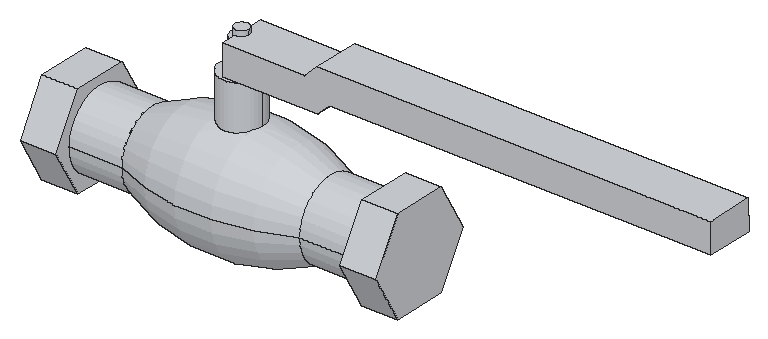
Revit family "Ball Valve (Threaded) DN15-DN50", category Pipe Accessories, Revit 2016
Family settings
  Part Type = Valve - Breaks Into
  Round Connector Dimension = Use Radius
  OmniClass Number = 23.65.55.14.17
  OmniClass Title = Adjusting/Controlling Valves for Liquid Services
  Work Plane-Based = No
  Always vertical = Yes
  Cut with Voids When Loaded = No
  Shared = No
Parameters (values of type "DN 15")
  Valve Material = none
  built-in parameter 1114242 [instance] = 1
  Stem Radius = Stem Diameter / 2  # 1.5 mm
  Stem Height = 0.5 * Body Diameter  # 8.25 mm
  Stem Diameter = 0.2 * Nominal Diameter  # 3 mm
  Seal Length = 0.25 * Body Length  # 18.75 mm
  Radius = 2 * (Length 2) + 3 mm  # 40.5 mm
  Point   3 [instance] = (Point   2) / 4  # 12.375 mm
  Point   2 [instance] = (Point   1) * 0.66  # 49.5 mm
  Point   1 [instance] = (Annotation Scale) * (Body Length)  # 75 mm
  Nut Radius = Nut Diameter / 2  # 2.25 mm
  Nut Height = 0.3 * Body Diameter  # 4.95 mm
  Nut Diameter = 0.3 * Nominal Diameter  # 4.5 mm
  Nominal Radius = 7.5 mm
  Nominal Diameter = Nominal Radius * 2  # 15 mm
  Length 2 = (Body Length - 2 * Seal Length) / 2  # 18.75 mm
  Length 1 = Body Length - 2 * Adapter Length  # 60 mm
  K Coefficient = 0.32
  Handle Width = 10 mm
  Handle Length = 103 mm
  Handle Height = 124 mm
  Half Nut Height = Nut Height / 2  # 2.475 mm
  Body Radius = Body Diameter / 2  # 8.25 mm
  Body Length = 75 mm
  Body Height = 1.3 * Body Diameter  # 21.45 mm
  Body Diameter = 1.1 * Nominal Diameter  # 16.5 mm
  Annotation Scale [instance] = 1
  Adapter Radius = Adapter Diameter / 1.2  # 20 mm
  Adapter Length = 0.1 * Body Length  # 7.5 mm
  Adapter Diameter = 1.6 * Nominal Diameter  # 24 mm
  016_EKS_Type ID Family = "BV"
Types (6, lengths in mm): name | Stem Radius | Stem Height | Stem Diameter | Seal Length | Radius | Point   3 | Point   2 | Point   1 | Nut Radius | Nut Height | Nut Diameter | Nominal Radius | Nominal Diameter | Length 2 | Length 1 | Handle Width | Handle Length | Handle Height | Half Nut Height | Body Radius | Body Length | Body Height | Body Diameter | Adapter Radius | Adapter Length | Adapter Diameter
  DN 50 | 5 | 27.5 | 10 | 35 | 73 | 23.1 | 92.4 | 140 | 7.5 | 16.5 | 15 | 25 | 50 | 35 | 112 | 30 | 185 | 169 | 8.25 | 27.5 | 140 | 71.5 | 55 | 66.667 | 14 | 80
  DN 40 | 4 | 22 | 8 | 30 | 63 | 19.8 | 79.2 | 120 | 6 | 13.2 | 12 | 20 | 40 | 30 | 96 | 26 | 153 | 155 | 6.6 | 22 | 120 | 57.2 | 44 | 53.333 | 12 | 64
  DN 32 | 3.2 | 17.6 | 6.4 | 27.5 | 58 | 18.15 | 72.6 | 110 | 4.8 | 10.56 | 9.6 | 16 | 32 | 27.5 | 88 | 22 | 153 | 151 | 5.28 | 17.6 | 110 | 45.76 | 35.2 | 42.667 | 11 | 51.2
  DN 25 | 2.5 | 13.75 | 5 | 22.5 | 48 | 14.85 | 59.4 | 90 | 3.75 | 8.25 | 7.5 | 12.5 | 25 | 22.5 | 72 | 18 | 123 | 137 | 4.125 | 13.75 | 90 | 35.75 | 27.5 | 33.333 | 9 | 40
  DN 20 | 2 | 11 | 4 | 20 | 43 | 13.2 | 52.8 | 80 | 3 | 6.6 | 6 | 10 | 20 | 20 | 64 | 14 | 123 | 133 | 3.3 | 11 | 80 | 28.6 | 22 | 26.667 | 8 | 32
  DN 15 | 1.5 | 8.25 | 3 | 18.75 | 40.5 | 12.375 | 49.5 | 75 | 2.25 | 4.95 | 4.5 | 7.5 | 15 | 18.75 | 60 | 10 | 103 | 124 | 2.475 | 8.25 | 75 | 21.45 | 16.5 | 20 | 7.5 | 24
Reference planes
  plane 1 "Center (Front/Back)": y = 0
  plane 2: z = 0
  plane 3 "Center (Left/Right)": x = 0
  plane 4: x = -37.5
  plane 5: x = 37.5
  plane 6: x = 103
  plane 7: y = 20
  plane 8: y = -20
  plane 9: x = -30
  plane 10: x = 30
  plane 11: x = 18.75
  plane 12: x = -18.75
  plane 13: y = 8.25
  plane 14: y = -8.25
  plane 15: z = 21.45
  plane 16: z = 29.7
  plane 17: z = 25.575
  plane 18: z = 28.05
  plane 19: z = 23.1
  plane 20: y = -5
  plane 21: y = 5
  plane 22: y = 60
  plane 23: through (0, 20, -34.641) normal (0, 0.866, 0.5)
  plane 24: through (0, 20, 34.641) normal (0, -0.866, 0.5)
  plane 25: through (0, 33.333, -57.735) normal (0, 0.866, 0.5)
  plane 26: through (0, 33.333, 57.735) normal (0, -0.866, 0.5)
  plane 27: x = -37.5
  plane 28: x = 37.5
  plane 29: x = 0
  plane 30: y = -24.75
  plane 31: y = 0
  plane 32: y = 24.75
  plane 33: y = 37.125
  plane 34: z = -24.75
  plane 35: z = 0
  plane 36: z = 24.75
  plane 37: z = 37.125
Forms (mm)
  Extrusion 1, solid, material <- "Valve Material", detail levels fine
    sketch origin (0, 0, 0) x (0, 1, 0) y (0, 0, 1)
      loop
        line (5.774, 10) -> (-5.774, 10) -> (-11.547, 0) -> (-5.774, -10) -> (5.774, -10) -> (11.547, 0) -> (5.774, 10)
    from 30 to 37.5
  Extrusion 2, solid, material <- "Valve Material", detail levels fine
    sketch origin (0, 0, 0) x (0, 1, 0) y (0, 0, -1)
      loop
        line (5.774, -10) -> (11.547, 0) -> (5.774, 10) -> (-5.774, 10) -> (-11.547, 0) -> (-5.774, -10) -> (5.774, -10)
    from 30 to 37.5
  Revolve 3, solid, material <- "Valve Material", detail levels fine
    sketch origin (0, 0, 0) x (1, 0, 0) y (0, 1, 0)
      loop
        line (-30, 0) -> (-30, -8.25) -> (-18.75, -8.25)
        arc (-18.75, -8.25) -> (0, -12.852) -> (18.75, -8.25) r 40.5
        line (18.75, -8.25) -> (30, -8.25) -> (30, 0) -> (-30, 0)
      axis (-30, 0) -> (30, 0)
    angle from 0 to 360
  Extrusion 4, solid, material <- "Valve Material", detail levels fine
    sketch origin (0, 0, 0) x (1, 0, 0) y (0, 1, 0)
      loop
        circle (0, 0) r 4.5
    from 0 to 21.45
  Extrusion 5, solid, material <- "Valve Material", detail levels fine
    sketch origin (0, 0, 0) x (1, 0, 0) y (0, 1, 0)
      loop
        circle (0, 0) r 1.5
    from 0 to 29.7
  Extrusion 6, solid, material <- "Valve Material", detail levels fine
    sketch origin (0, 0, 0) x (1, 0, 0) y (0, 1, 0)
      loop
        circle (0, 0) r 2.25
    from 23.1 to 28.05
  Sweep 7, solid, material <- "Valve Material", detail levels fine
    path in 3D
      loop
        line (0, 0, 25.575) -> (18.75, 0, 25.575) -> (21.225, 0, 28.05) -> (103, 0, 28.05)
    profile origin (9.375, 0, 25.575) x (0, 0, 1) y (0, -1, 0)
      loop
        line (3.175, 5) -> (-3.175, 5) -> (-3.175, -5) -> (3.175, -5) -> (3.175, 5)
Cuts and joins
  joined: Extrusion 1, Extrusion 2, Revolve 3, Extrusion 4, Extrusion 5, Extrusion 6, Sweep 7
Lines and regions (mm)
  reference lines
    curve 1: line (0, 0, 25.575) -> (18.75, 0, 25.575)
    curve 2: line (18.75, 0, 25.575) -> (21.225, 0, 28.05)
    curve 3: line (21.225, 0, 28.05) -> (103, 0, 28.05)
  sketch lines
    curve 4: line (0, 0, 25.575) -> (18.75, 0, 25.575)
    curve 5: line (18.75, 0, 25.575) -> (21.225, 0, 28.05)
    curve 6: line (21.225, 0, 28.05) -> (103, 0, 28.05)
  model lines, detail levels coarse+medium
    curve 7: line (-37.5, 24.75, 0) -> (-37.5, -24.75, 0)
    curve 8: line (37.5, 24.75, 0) -> (37.5, -24.75, 0)
    curve 9: line (37.5, 24.75, 0) -> (-37.5, -24.75, 0)
    curve 10: line (-37.5, 24.75, 0) -> (37.5, -24.75, 0)
    curve 11: line (0, 0, 0) -> (0, 37.125, 0)
    curve 12: line (0, 37.125, 0) -> (37.5, 37.125, 0)
    curve 13: line (37.565, 0, 24.75) -> (37.565, 0, -24.75)
    curve 14: line (-37.435, 0, -24.75) -> (-37.435, 0, 24.75)
    curve 15: line (-37.435, 0, 24.75) -> (37.565, 0, -24.75)
    curve 16: line (37.565, 0, 24.75) -> (-37.435, 0, -24.75)
    curve 17: line (0.065, 0, 0) -> (0.065, 0, 37.125)
    curve 18: line (0.065, 0, 37.125) -> (37.565, 0, 37.125)
Dimensions and locks
  equal spacing: plane 4, plane 3 "Center (Left/Right)", plane 5
  "Body Length": plane 4 to plane 5
  "Handle Length": plane 3 "Center (Left/Right)" to plane 6
  "Adapter Radius": plane 7 to plane 1 "Center (Front/Back)"
  equal spacing: plane 7, plane 1 "Center (Front/Back)", plane 8
  "Adapter Length": plane 4 to plane 9
  "Adapter Length": plane 10 to plane 5
  "Seal Length": plane 11 to plane 5
  "Seal Length": plane 4 to plane 12
  "Body Radius": plane 13 to plane 1 "Center (Front/Back)"
  equal spacing: plane 13, plane 1 "Center (Front/Back)", plane 14
  "Body Height": plane 15 to plane 2
  "Stem Height": plane 16 to plane 15
  equal spacing: plane 16, plane 17, plane 15
  plane 18 to plane 17 to plane 19 = 2.475 mm, 2.475 mm
  equal spacing: plane 18, plane 17, plane 19
  "Half Nut Height": plane 17 to plane 19
  equal spacing: plane 20, plane 1 "Center (Front/Back)", plane 21
  "Handle Width": plane 20 to plane 21
  locked: Sweep 7 sketch curve to Sweep 7 sketch curve at 6.35
  equal spacing: Sweep 7 sketch curve, profile plane, Sweep 7 sketch curve
  "Length 1": plane 22 to plane 1 "Center (Front/Back)"
  "Adapter Radius": Extrusion 2 sketch curve to Extrusion 2 sketch curve  (x3)
  equal spacing: Extrusion 2 sketch curve, plane 24, Extrusion 2 sketch curve
  equal spacing: Extrusion 2 sketch curve, plane 23, Extrusion 2 sketch curve
  equal spacing: Extrusion 2 sketch curve, plane 2, Extrusion 2 sketch curve
  equal spacing: Extrusion 1 sketch curve, plane 25, Extrusion 1 sketch curve
  "Adapter Radius": Extrusion 1 sketch curve to Extrusion 1 sketch curve  (x3)
  equal spacing: Extrusion 1 sketch curve, plane 26, Extrusion 1 sketch curve
  equal spacing: Extrusion 1 sketch curve, plane 2, Extrusion 1 sketch curve
  cut or joined group of Extrusion 1, Extrusion 2, Revolve 3, Extrusion 4, Extrusion 5, Extrusion 6, Sweep 7 to level = 28.75 mm
  equal spacing: plane 27, plane 29, plane 28
  "Point   1": plane 27 to plane 28
  equal spacing: plane 32, plane 31, plane 30
  "Point   2": plane 32 to plane 30
  "Point   3": plane 33 to plane 32
  equal spacing: plane 36, plane 35, plane 34
  "Point   2": plane 36 to plane 34
  "Point   3": plane 37 to plane 36
  "Nut Diameter": radius of Extrusion 4 sketch curve
  "Stem Radius": radius of Extrusion 5 sketch curve
  "Nut Radius": radius of Extrusion 6 sketch curve
  "Radius": radius of Revolve 3 sketch curve
  locked: plane 17 to curve 2 (angle 45.00°)
  aligned and locked: Extrusion 1 to plane 5
  aligned and locked: Extrusion 1 to plane 10
  aligned and locked: plane 9 to Extrusion 2
  aligned and locked: Extrusion 2 to plane 4
  aligned and locked: Revolve 3 sketch curve to plane 1 "Center (Front/Back)"
  aligned and locked: Revolve 3 sketch curve to plane 9
  aligned and locked: plane 14 to Revolve 3 sketch curve  (x2)
  aligned and locked: plane 10 to Revolve 3 sketch curve
  aligned and locked: Revolve 3 sketch curve to Revolve 3 sketch curve
  aligned and locked: plane 3 "Center (Left/Right)" to Extrusion 4 sketch curve
  aligned and locked: plane 1 "Center (Front/Back)" to Extrusion 4 sketch curve
  aligned and locked: plane 15 to Extrusion 4
  aligned and locked: Extrusion 4 to level
  aligned and locked: plane 16 to Extrusion 5
  aligned and locked: plane 3 "Center (Left/Right)" to Extrusion 6 sketch curve
  aligned and locked: plane 1 "Center (Front/Back)" to Extrusion 6 sketch curve
  aligned and locked: Extrusion 6 to plane 19
  aligned and locked: plane 18 to Extrusion 6
  aligned and locked: plane 11 to Revolve 3 sketch curve
  aligned and locked: plane 6 to curve 3
  aligned and locked: plane 11 to curve 2
  aligned and locked: curve 1 to plane 17
  aligned and locked: plane 3 "Center (Left/Right)" to curve 1
  aligned and locked: plane 20 to Sweep 7 sketch curve
  aligned and locked: Sweep 7 sketch curve to plane 21
  aligned and locked: cut or joined group of Extrusion 1, Extrusion 2, Revolve 3, Extrusion 4, Extrusion 5, Extrusion 6, Sweep 7 to plane 5
  aligned and locked: plane 32 to curve 7
  aligned and locked: curve 7 to plane 27
  aligned and locked: plane 32 to curve 8
  aligned and locked: curve 8 to plane 28
  aligned and locked: plane 29 to curve 11
  aligned and locked: curve 12 to plane 33
  aligned and locked: plane 30 to curve 7
  aligned and locked: plane 30 to curve 8
  aligned and locked: curve 12 to curve 8
  aligned and locked: plane 36 to curve 13
  aligned and locked: plane 34 to curve 14
  aligned and locked: plane 36 to curve 14
  aligned and locked: plane 34 to curve 13
  aligned and locked: plane 31 to plane 1 "Center (Front/Back)"
  aligned and locked: level to plane 2
  aligned and locked: plane 3 "Center (Left/Right)" to plane 29
Automatic sketch dimensions
  Extrusion 5 sketch curve to plane 1 "Center (Front/Back)" = 0 mm
  Extrusion 5 sketch curve to plane 3 "Center (Left/Right)" = 0 mm
  curve 3 to plane 18 = 0 mm
  Revolve 3 sketch curve to plane 9 = 0 mm
  Revolve 3 sketch curve to plane 12 = 0 mm
  Revolve 3 sketch curve to plane 10 = 0 mm
  curve 17 to plane 35 = 0 mm
  curve 18 to plane 37 = 0 mm
  plane 27 to curve 14 = 0.065 mm
  plane 28 to curve 13 = 0.065 mm
  plane 28 to curve 18 = 0.065 mm
Connectors
  piping at (37.5, 0, 0), diameter 15, driven by "Nominal Radius", driven by "K Coefficient"
    settings: on Extrusion 1, index 1, connector inside diameter 50 mm, connector length 0 mm, flow factor 0, pipe flow 0.0 L/s, pressure drop 0.0 Pa, fitting loss kfactor 0.32, connector angle 0.00°, fixture units 0, engagement length 0 mm, angle of deflection 0.00°, flow configuration 0, flow direction 0, fitting loss method 2, system type 29, joint type 0, gender type 0, connector reference index 2, connector utility 0, adjustable connector no, is connector primary no, connector description ""
  piping at (-37.5, 0, 0), diameter 15, driven by "Nominal Radius"
    settings: on Extrusion 2, index 2, connector inside diameter 50 mm, connector length 0 mm, flow factor 0, pipe flow 0.0 L/s, pressure drop 0.0 Pa, fitting loss kfactor 0, connector angle 0.00°, fixture units 0, engagement length 0 mm, angle of deflection 0.00°, flow configuration 0, flow direction 0, fitting loss method 2, system type 29, joint type 0, gender type 0, connector reference index 1, connector utility 0, adjustable connector no, is connector primary yes, connector description ""
